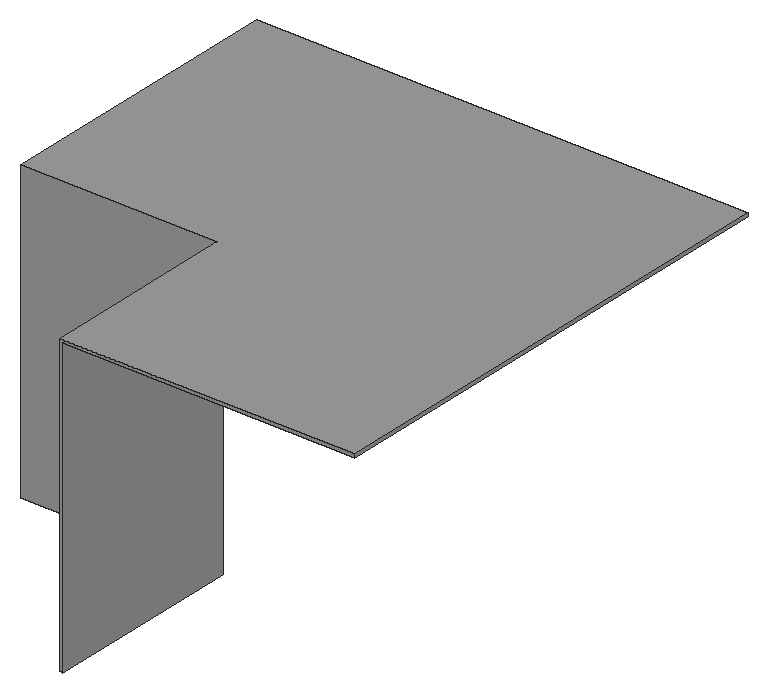
Revit family "Flashing_Preformed_Hyload_CornerCap-Int", category Generic Models, Revit 2014
Parameters (values of type "As Specified")
  Unit Width = 0' - 10"
  Unit Height = 0' - 6"
  Unit Depth = 0' - 6"
  URL = "http://www.hyload.com/"
  Thickness = 0' - 0 1/16"
  Specification = "http://www.arcat.com/sdspecs/htm04/07_65_00hyl.htm"
  Sales Information = "http://www.hyload.com/contact-us"
  Revision = "R1_12-2015"
  Product Properties = "http://www.hyload.com/masonry-flashing/preformed-shapes/"
  Product Data = "http://www.arcat.com/arcatcos/cos33/arc33176.html"
  Model = "Interior Corner Cap"
  Manufacturer Website = "http://www.hyload.com/"
  Manufacturer Phone - Toll Free = "800-457-4056"
  Manufacturer Phone = "330-769-3546"
  Manufacturer Fax = "330-769-4153"
  Manufacturer Address = "5020 Panther Pkwy., Seville, OH 44273"
  Manufacturer = "Hyload"
  Keynote = "07 65 00"
  Flashing Material = Hyload Flashing Membrane - Grey
  Drawn By = "Robert S. Weygant / Sumex Design"
  Description = "Preformed Hyload Masonry Flashing - Interior Corner Cap"
  Copyright = "(c) ARCAT, Inc, 2015"
  Construction Details = "http://www.arcat.com/details/hyload/hyload.html?coid=33176"
  Assembly Code = "B3010400"
Reference planes (in)
  plane 1 "Center (Front/Back)": y = 0
  plane 2: z = 0
  plane 3 "Center (Left/Right)": x = 0
  plane 4: y = 6
  plane 5: x = 6
  plane 6: z = 6
  plane 7: y = -4
  plane 8: x = -4
Forms (in)
  Sweep 1, solid, material "Hyload Flashing Membrane - Grey" <- "Flashing Material"
    path origin (0, 0, 0) x (1, 0, 0) y (0, 1, 0)
      loop
        line (0, -4) -> (0, 0) -> (-4, 0)
    profile origin (0, -2, 0) x (-1, 0, 0) y (0, 0, 1)
      loop
        line (0, 0) -> (0, 6.0625) -> (-6, 6.0625) -> (-6, 6) -> (-0.0625, 6) -> (-0.0625, 0) -> (0, 0)
Dimensions and locks (in)
  "Unit Depth": plane 1 "Center (Front/Back)" to plane 4
  "Unit Depth": plane 3 "Center (Left/Right)" to plane 5
  "Thickness": Sweep 1 sketch curve to plane 3 "Center (Left/Right)"
  "Unit Height": plane 6 to level
  "Unit Width": plane 8 to plane 5
  "Unit Width": plane 4 to plane 7
  "Thickness": Sweep 1 sketch curve to plane 6
  aligned and locked: plane 2 to level
  aligned and locked: Sweep 1 sketch curve to plane 1 "Center (Front/Back)"
  aligned and locked: plane 3 "Center (Left/Right)" to Sweep 1 sketch curve
  aligned and locked: Sweep 1 sketch curve to level
  aligned and locked: plane 6 to Sweep 1 sketch curve
  aligned and locked: plane 8 to Sweep 1 sketch curve
  aligned and locked: plane 7 to Sweep 1 sketch curve
  aligned and locked: plane 5 to Sweep 1 sketch curve
Automatic sketch dimensions
  Sweep 1 sketch curve to profile plane = 0' - 0"
